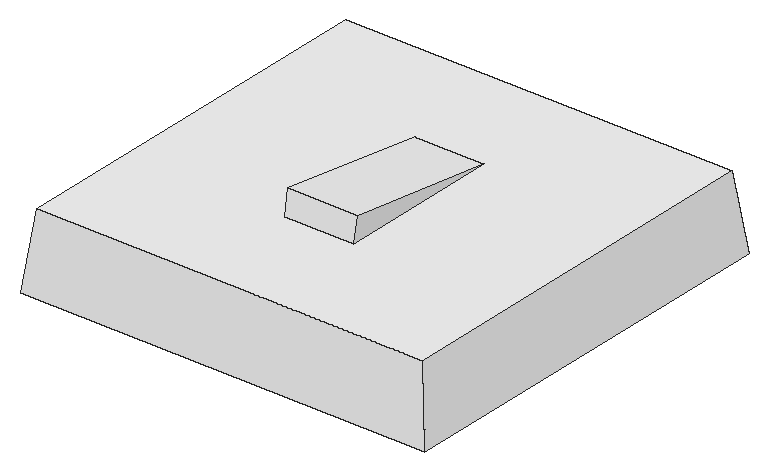
Revit family "CADS_AIRFLOWdev_Switches", category Electrical Fixtures, host Face, Revit 2015
Parameters (values of type "Isolation Switch")
  WarrantyStartDate [instance] = "N/A"
  WarrantyIdentifier = "N/A"
  WarrantyGuarantorParts = "info@airflow.com"
  WarrantyGuarantorLabor = "info@airflow.com"
  WarrantyGuarantor = "Airflow Developments Ltd"
  WarrantyEndDate [instance] = "N/A"
  WarrantyContent = "See Airflow Developments Ltd warranty terms."
  W = 87 mm
  Uniclass2015 = "Pr_75_51_17_50"
  ToggleSwitchType [instance] = "N/A"
  TagNumber [instance] = "N/A"
  Symbol Offset Face [instance] = 4 mm
  Symbol Lateral Offset [instance] = 5 mm
  Symbol = Switch General Symbol : Isolation Switch
  SwitchUsage [instance] = "Airflow Development Ltd. Domestic Fans"
  SwitchOperation [instance] = "YES"
  SwitchFunction = "Rocker"
  SwitchDisconnectorType [instance] = "Electronic"
  SwitchActivation [instance] = "Rocker Switch"
  SustainabilityPerformance = "N/A"
  SupplyPhase = 1
  Status [instance] = "New"
  StarterType [instance] = "N/A"
  Size = "86x16x86"
  Single_Switch_Type = Single_Switch : Single_Switch
  Single_Switch = yes
  Single_Double = if(Single_Switch, 0 mm, if(Double_Switch, 25 mm, 0 mm))  # 0 mm
  ShippingWeight = 0.35 kg
  Shape = "Rectangular"
  SetPoint = "YES"
  ServiceLifeType = "ExpectedServiceLife"
  ServiceLifeDuration = "10"
  SerialNumber [instance] = "N/A"
  SelectorType [instance] = "ON/OFF"
  ReplacementCost = "25.536"
  RatedVoltage = 230 V
  RatedCurrent = 0 A
  Quantity = 1
  ProductionYear = "2017"
  ProductLiterature = "N/A"
  PowerFactor = "N/A"
  PointOfContact = "Airflow Developments Ltd"
  OppLight = CADS_Airflow_Light_Red
  OperationAndMaintenanceManual = "N/A"
  NumberOfPoles = 1
  NumberOfGangs = 1
  NominalWidth = 86 mm
  NominalLength = 16 mm
  NominalHeight = 86 mm
  NominalFrequencyRange = "50/60"
  NBSCode = "90-60-25/325 Light switches;"
  MomentaryType [instance] = "N/A"
  ModelReference = "90000537"
  ModelLabel = "Isolation Switch"
  Material = "Plastic"
  ManufacturerWebsite = "www.airflow.com"
  ManufacturerTelephone = "01494 525252"
  ManufacturerE-Mail = "info@airflow.com"
  ManufacturerAddress = "Aidelle House\nLancaster Road\nCressex Business Park\nHigh Wycombe\nBucks\nHP123QP"
  Manufacturer = "Airflow Developments Ltd"
  LoadDisconnectionType [instance] = "N/A"
  Light = CADS_Airflow_Light_Red
  Legend = "YES"
  Leader [instance] = no
  L = if(Single_Switch, 87 mm, if(Double_Switch, 147 mm, 87 mm))  # 87 mm
  KeypadType [instance] = "N/A"
  IsIlluminated = no
  IsExtendedWarranty = no
  InsulationStandardClass = "N/A"
  ISO90001 = yes
  ISO140001 = yes
  IP_Code = "IP20"
  HasProtectiveEarth = no
  HasLock = no
  GrossWeight = 0.25 kg
  Grade = "N/A"
  GlobalTradeItemNumber = "5019009319568"
  Finish = "White"
  Features [instance] = "Isolation Switch"
  Exclusions = "Incorrect Use / Incorrect Installation / Installed by a non-accredited electrician. Customer abuse."
  DurationUnit = "Years"
  Double_Switch_Type = Empty_Switch : Empty_Switch
  Double_Switch = no
  DimmerType = "N/A"
  Description = "Isolation Switch"
  Default Elevation = 1219.2 mm
  ControlId [instance] = ""
  ContactorType = "Standard"
  Constituents = "White"
  Color = "White"
  CodePerformance = "N/A"
  CEApproval = yes
  CADS_Index = 0
  Body = CADS_Airflow_Switch_Body
  AssetType = "Fixed"
  AssetIdentifier [instance] = "N/A"
  AssemblyPlace = "N/A"
  AccessibilityPerformance = "N/A"
Reference planes
  plane 1 "Center (Front/Back)": y = 0
  plane 2: z = 0
  plane 3 "Center (Left/Right)": x = 0
  plane 4: x = -43.5
  plane 5: x = 43.5
  plane 6: y = 87
  plane 7: y = 43.5
  plane 8: z = 16
  plane 9: x = 0
  plane 10: x = 0
Forms (mm)
  Blend 1, solid, material "CADS_Airflow_Switch_Body" <- "Body"
    base sketch origin (0, 0, 0) x (1, 0, 0) y (0, 1, 0)
      loop
        line (-43.5, 87) -> (-43.5, 0) -> (43.5, 0) -> (43.5, 87) -> (-43.5, 87)
    top sketch origin (0, 0, 0) x (1, 0, 0) y (0, 1, 0)
      loop
        line (-41.5, 85) -> (-41.5, 2) -> (41.5, 2) -> (41.5, 85) -> (-41.5, 85)
    from 0 to 16
Dimensions and locks
  equal spacing: plane 4, plane 3 "Center (Left/Right)", plane 5
  "L": plane 4 to plane 5
  plane 8 to level = 16 mm
  locked: plane 4 to Blend 1 sketch curve at 2
  locked: Blend 1 sketch curve to plane 5 at 2
  locked: plane 6 to Blend 1 sketch curve at 2
  "Single_Double": plane 9 to plane 3 "Center (Left/Right)"
  "Single_Double": plane 3 "Center (Left/Right)" to plane 10
  equal spacing: plane 6, plane 7, plane 1 "Center (Front/Back)"
  "W": plane 6 to plane 1 "Center (Front/Back)"
  locked: Blend 1 sketch curve to plane 1 "Center (Front/Back)" at 2
  aligned and locked: plane 2 to host face
  aligned and locked: level to host face
  aligned and locked: Blend 1 sketch curve to plane 6
  aligned and locked: Blend 1 sketch curve to plane 5
  aligned and locked: plane 8 to Blend 1
  aligned and locked: plane 10 to nested 2
  aligned and locked: plane 1 "Center (Front/Back)" to nested 3
  aligned and locked: plane 3 "Center (Left/Right)" to nested 3
  aligned and locked: Blend 1 sketch curve to plane 1 "Center (Front/Back)"
  aligned and locked: nested 1 to plane 7
  aligned and locked: plane 9 to nested 1
  aligned and locked: nested 2 to plane 7
Automatic sketch dimensions
  host sketch curve to host sketch curve = 2438.4 mm  (x2)
  Blend 1 sketch curve to plane 4 = 0 mm
Nested families
  nested 1: "Single_Switch" at (0, 43.5, 16), type <- "Single_Switch_Type", type "Single_Switch"
  nested 2: "Empty_Switch" at (0, 43.5, 16), type <- "Double_Switch_Type", visible <- "Double_Switch", type "Empty_Switch"
  nested 3: "Switch General Symbol" at (0, 0, 0), symbol lateral position <- "Symbol Lateral Offset", symbol offset face <- "Symbol Offset Face", leader <- "Leader", type <- "Symbol", type "Isolation Switch"
    with symbol offset side 0 mm, symbol offset face 4 mm, symbol lateral position 5 mm, symbol lateral check 6 mm, leader lateral check 12 mm, leader no
Connectors
  electrical at (0, 0, 0), driven by "RatedVoltage"
    settings: index 1, voltage 230 V, apparent load 0 VA, apparent load phase1 0 VA, apparent load phase2 0 VA, apparent load phase3 0 VA, power factor 1, load classification "Other", number of poles 1, system type 30, power factor state 1, is connector primary yes, connector utility no, sub classification motor no, connector description ""
Definition of nested family "Single_Switch"
  Parameters (values of type "Single_Switch")
    Default Elevation = 1219.2 mm
    Body = none
  Reference planes
    plane 1 "Center (Front/Back)": y = 0
    plane 2: z = 0
    plane 3 "Center (Left/Right)": x = 0
    plane 4: x = -7.5
    plane 5: x = 7.5
    plane 6 "Top": y = 17.5
    plane 7: y = -17.5
    plane 8: z = 5
  Forms (mm)
    Extrusion 1, solid
      sketch origin (0, 0, 0) x (1, 0, 0) y (0, 1, 0)
        loop
          line (-1219.2, 1219.2) -> (-1219.2, -1219.2) -> (1219.2, -1219.2) -> (1219.2, 1219.2) -> (-1219.2, 1219.2)
      from 0 to -304.8
    Extrusion 2, solid, material <- "Body"
      sketch origin (0, 0, 0) x (0, 1, 0) y (0, 0, 1)
        loop
          line (17.5, 0) -> (-16.528, 5) -> (-17.5, 0) -> (17.5, 0)
      from -7.5 to 7.5
  Dimensions and locks
    equal spacing: plane 4, plane 3 "Center (Left/Right)", plane 5
    plane 4 to plane 5 = 15 mm
    equal spacing: plane 6 "Top", plane 1 "Center (Front/Back)", plane 7
    plane 6 "Top" to plane 7 = 35 mm
    plane 8 to level = 5 mm
    aligned and locked: plane 2 to Extrusion 1
    aligned and locked: level to Extrusion 1
    aligned and locked: Extrusion 2 to plane 4
    aligned and locked: plane 5 to Extrusion 2
  Automatic sketch dimensions
    Extrusion 1 sketch curve to Extrusion 1 sketch curve = 2438.4 mm  (x2)
    Extrusion 2 sketch curve to level = 0 mm
    Extrusion 2 sketch curve to plane 7 = 0 mm
    Extrusion 2 sketch curve to plane 8 = 0 mm
    Extrusion 2 sketch curve to plane 6 "Top" = 0 mm
    plane 7 to Extrusion 2 sketch curve = 0.972 mm
Definition of nested family "Empty_Switch"
  Parameters (values of type "Empty_Switch")
    Default Elevation = 1219.2 mm
    Body = none
  Reference planes
    plane 1 "Center (Front/Back)": y = 0
    plane 2: z = 0
    plane 3 "Center (Left/Right)": x = 0
    plane 4: x = -7.5
    plane 5: x = 7.5
    plane 6 "Top": y = 17.5
    plane 7: y = -17.5
    plane 8: z = 5
  Forms (mm)
    Extrusion 1, solid
      sketch origin (0, 0, 0) x (1, 0, 0) y (0, 1, 0)
        loop
          line (-1219.2, 1219.2) -> (-1219.2, -1219.2) -> (1219.2, -1219.2) -> (1219.2, 1219.2) -> (-1219.2, 1219.2)
      from 0 to -304.8
  Dimensions and locks
    equal spacing: plane 4, plane 3 "Center (Left/Right)", plane 5
    plane 4 to plane 5 = 15 mm
    equal spacing: plane 6 "Top", plane 1 "Center (Front/Back)", plane 7
    plane 6 "Top" to plane 7 = 35 mm
    plane 8 to level = 5 mm
    aligned and locked: plane 2 to Extrusion 1
    aligned and locked: level to Extrusion 1
  Automatic sketch dimensions
    Extrusion 1 sketch curve to Extrusion 1 sketch curve = 2438.4 mm  (x2)
Definition of nested family "Switch General Symbol"
  Parameters (values of type "On/Off Lockable and Neon Switch")
    symbol offset side [instance] = if(leader, symbol offset face, 0 mm)  # 5 mm
    symbol lateral position [instance] = 6 mm
    symbol lateral check [instance] = if(not(leader), 6 mm, if(symbol lateral position > 6 mm, 12 mm, (symbol lateral position + 6 mm)))  # 12 mm
    symbol offset face [instance] = 5 mm
    leader lateral check [instance] = if(not(leader), 12 mm, symbol lateral check)  # 12 mm
    leader [instance] = yes
    Symbol = Double Switches : On/Off Lockable and Neon Switch
  Types (15, lengths in mm): name | Symbol
    Isolation Switch with Neon | Single Switches : Isolation Switch with Neon
    Isolation Switch | Single Switches : Isolation Switch
    Isolation Switch with Neon and Fuse | Single Switches : Isolation Switch with Neon and Fuse
    On/Off Switch | Single Switches : On/Off Switch
    Low and High Speed and Off Switch | Single Switches : Low and High Speed and Off Switch
    Momentary Boost Switch | Single Switches : Momentary Boost Switch
    On/Off Switch with Neon | Single Switches : On/Off Switch with Neon
    Two Position Switch | Single Switches : Two Position Switch
    Two Position Switch with Neon for Second Speed | Single Switches : Two Position Switch with Neon for Second Speed
    Supervent SV6 Switch | Double Switches : Supervent SV6 Switch
    Supervent SV6 Switch with Neon | Double Switches : Supervent SV6 Switch with Neon
    On/Off with Lockable Isolator Switches | Double Switches : On/Off with Lockable Isolator Switches
    Three Position with Neon Speed Indicator Switch | Double Switches : Three Position with Neon Speed Indicator Switch
    On/Off Lockable and Neon Switch | Double Switches : On/Off Lockable and Neon Switch
    On/Off 2 Speed with 2x Neon Switch | Double Switches : On/Off - 2 Speed with 2x Neon Switch
  Reference planes
    plane 1: y = 0
    plane 2: x = 0
  Lines and regions (mm)
    reference lines
      curve 1: line (-6, 3.542, 0) -> (-6, -3.439, 0)
      curve 2: line (-10.193, 5, 0) -> (1.819, 5, 0)
      curve 3: line (6, 3.542, 0) -> (6, -3.439, 0)
    detail lines, visible <- "leader"
      curve 4: line (0, 0, 0) -> (6, 5, 0)
    detail lines, not visible
      curve 5: line (0, 3.994, 0) -> (0, 2.003, 0)
  Text (mm)
    text "SS" at (-0.005, 6.181, 0), not visible
  Dimensions and locks
    curve 1 to plane 2 = 6 mm
    "symbol offset side": plane 1 to curve 2
    "symbol lateral check": curve 1 to curve 3
    "symbol offset face": plane 1 to curve 4
    "leader lateral check": curve 1 to curve 4
    aligned and locked: plane 1 to curve 4
    aligned and locked: plane 2 to curve 4
    aligned and locked: curve 3 to nested 1
    aligned and locked: curve 2 to nested 1
  Automatic sketch dimensions
    curve 5 to curve 5 = 1.991 mm
    curve 2 to curve 1 = 4.193 mm
    plane 2 to curve 2 = 1.819 mm
    curve 1 to plane 1 = 3.542 mm
    curve 3 to plane 1 = 3.542 mm
    plane 1 to curve 3 = 3.439 mm
    plane 1 to curve 1 = 3.439 mm
  Nested families
    nested 1: "Double Switches" at (6, 5, 0), type <- "Symbol", type "On/Off Lockable and Neon Switch"
  Definition of nested family "Double Switches"
    Parameters (values of type "On/Off Lockable and Neon Switch")
      Two Position Switch = no
      Neon 2 = no
      Neon = yes
      Momentary Boost = no
      Fuse = no
      3 pole 2 = yes
      3 pole = no
      2 pole 2 = yes
      2 Pole = no
    Types (6, lengths in mm): name | Neon 2 | Neon | 3 pole 2 | 3 pole | 2 pole 2 | 2 Pole
      Supervent SV6 Switch | no | no | no | no | no | yes
      Supervent SV6 Switch with Neon | yes | no | no | no | no | yes
      On/Off with Lockable Isolator Switches | no | no | yes | no | yes | no
      Three Position with Neon Speed Indicator Switch | yes | yes | no | yes | no | yes
      On/Off - 2 Speed with 2x Neon Switch | yes | yes | no | no | yes | no
      On/Off Lockable and Neon Switch | no | yes | yes | no | yes | no
    Reference planes
      plane 1: y = 0
      plane 2: x = 0
    Lines and regions (mm)
      detail lines
        curve 1: line (0, 0, 0) -> (0, 2.819, 0)
        curve 2: circle (1, 2.819, 0) r 1 normal (0, 0, 1)
        curve 3: line (1, 3.819, 0) -> (3.121, 5.941, 0)
        curve 9: circle (-1, 2.819, 0) r 1 normal (0, 0, 1)
        curve 10: line (-1, 3.819, 0) -> (1.121, 5.941, 0)
      detail lines, visible <- "2 pole 2"
        curve 4: line (3.121, 5.941, 0) -> (3.828, 5.234, 0)
        curve 5: line (3.121, 4.527, 0) -> (2.414, 5.234, 0)
      detail lines, visible <- "Neon 2"
        curve 6: line (0.227, 3.453, 0) -> (1.773, 2.186, 0)
        curve 7: line (1.773, 3.453, 0) -> (0.227, 2.186, 0)
      detail lines, visible <- "3 pole 2"
        curve 8: line (1.707, 4.527, 0) -> (2.414, 3.819, 0)
      detail lines, visible <- "2 Pole"
        curve 11: line (1.121, 5.941, 0) -> (1.828, 5.234, 0)
        curve 12: line (1.121, 4.527, 0) -> (0.414, 5.234, 0)
      detail lines, visible <- "Neon"
        curve 13: line (-1.773, 3.453, 0) -> (-0.227, 2.186, 0)
        curve 14: line (-0.227, 3.453, 0) -> (-1.773, 2.186, 0)
      detail lines, visible <- "3 pole"
        curve 15: line (-0.293, 4.527, 0) -> (0.414, 3.819, 0)
